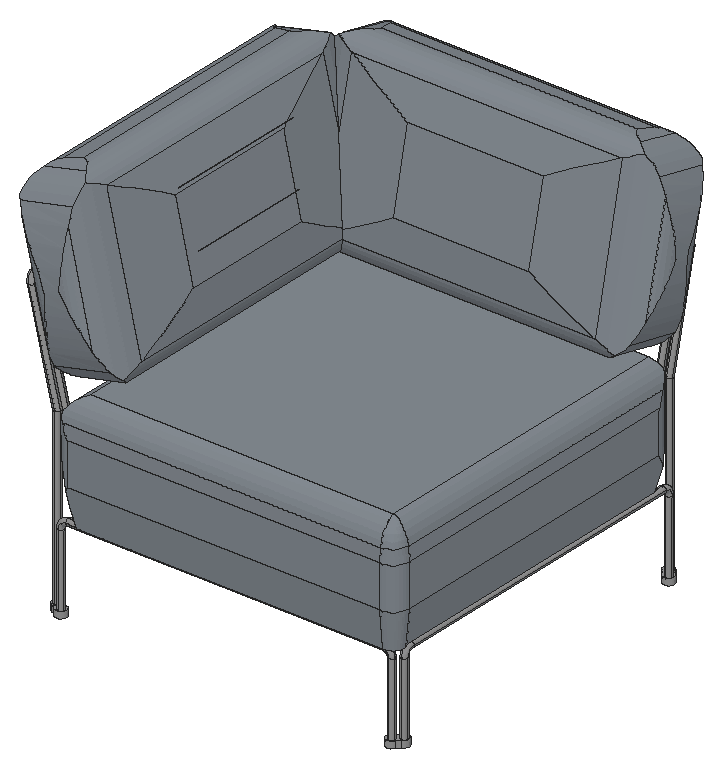
Revit family "FU_Modular_Sandler_Ari 1301-OD", category Furniture, Revit 2020
Family settings
  OmniClass Number = 23.40.20.00
  OmniClass Title = General Furniture and Specialties
  Work Plane-Based = No
  Always vertical = Yes
  Cut with Voids When Loaded = No
  Shared = No
  Room Calculation Point = No
Parameters (values of type "Ari 1301-OD")
  Width = 780 mm
  URL = "https://www.sandlerseating.com/product/ari-1301-od/"
  Seat [instance] = Fabric - Outdoor - Hero 711
  Model = "Ari 1301-OD"
  Manufacturer = "Sandler"
  Height = 780 mm
  Frame [instance] = Metal - Paint - Outdoor - Pewter
  Description = "Corner element for outdoor modular seating. Upholstered backrest and armrest, steel frame, and an elegant double support at the back."
  Depth = 780 mm
  Default Elevation = 0 mm
  Back [instance] = Fabric - Outdoor - Hero 711
Reference planes
  plane 1 "Center (Front/Back)": y = 0
  plane 2: z = 0
  plane 3 "Center (Left/Right)": x = 0
  plane 4 "Right": x = -360
  plane 5 "Left": x = 360
  plane 6 "Back": y = 390
  plane 7 "Front": y = -390
  plane 8 "Height": z = 780
  plane 9 "Seat height": z = 420
  plane 10 "Frame Front C TOP": y = -372.654
  plane 11 "Frame Left C TOP": x = 337.638
  plane 12 "Feet Right": z = 12
  plane 13 "Frame Height C RIGHT": z = 173.508
  plane 14 "Right Arm": x = -420
  plane 15 "Frame Back AC RIGHT": through (4267.2, 277.413, 181.26) normal (0, -0.9703, 0.2421)
  plane 16 "Frame Back C RIGHT": y = 321.991
Forms (mm)
  Extrusion 1, solid, material "Fabric - Outdoor - Hero 711" <- "Seat"
    sketch origin (0, 0, 173.508) x (1, 0, 0) y (0, 1, 0)
      loop
        arc (-313.239, 303.733) -> (-336.927, 293.921) -> (-346.739, 270.233) r 33.5
        line (-346.739, 270.233) -> (-346.739, -356.5)
        arc (-346.739, -356.5) -> (-336.927, -380.188) -> (-313.239, -390) r 33.5
        line (-313.239, -390) -> (313.204, -390)
        arc (313.204, -390) -> (336.892, -380.188) -> (346.704, -356.5) r 33.5
        line (346.704, -356.5) -> (346.704, 270.233)
        arc (346.704, 270.233) -> (336.892, 293.921) -> (313.204, 303.733) r 33.5
        line (313.204, 303.733) -> (-313.239, 303.733)
    from 0 to 233.363
  Sweep 2, void
    path in 3D
      loop
        line (-400.869, -390, 406.871) -> (313.204, -390, 406.871)
        arc (313.204, -390, 406.871) -> (336.892, -380.188, 406.871) -> (346.704, -356.5, 406.871) r 33.5
        line (346.704, -356.5, 406.871) -> (346.704, 384.262, 406.871)
    profile origin (-43.832, -390, 406.871) x (0, 1, 0) y (0, 0, 1)
      loop
        arc (2.304, -47.996) -> (11.675, -20.578) -> (32.073, 0) r 64.696
        line (32.073, 0) -> (32.073, 22.414) -> (-19.598, 22.414) -> (-19.598, -262.705) -> (14.317, -262.705)
        arc (14.317, -262.705) -> (-0.262, -155.83) -> (2.304, -47.996) r 677.536
  Sweep 3, solid, material "Metal - Paint - Outdoor - Pewter" <- "Frame"
    path origin (0, -372.654, 0) x (1, 0, 0) y (0, 0, 1)
      loop
        line (-341.388, 12) -> (-341.388, 158.008)
        arc (-341.388, 158.008) -> (-336.848, 168.968) -> (-325.888, 173.508) r 15.5
        line (-325.888, 173.508) -> (308.101, 173.508)
        arc (308.101, 173.508) -> (319.061, 168.968) -> (323.601, 158.008) r 15.5
        line (323.601, 158.008) -> (323.601, 12)
    profile "Pro_Circles : 13mm" origin (-341.388, -372.654, 85.004) x (-1, 0, 0) y (0, -1, 0)
      loop
        arc (-6.467, 0.067) -> (-4.64, -4.545) -> (-0.067, -6.467) r 6.401
        arc (-0.067, -6.467) -> (4.593, -4.594) -> (6.467, 0.067) r 6.402
        arc (6.467, 0.067) -> (4.545, 4.64) -> (-0.067, 6.467) r 6.401
        arc (-0.067, 6.467) -> (-4.592, 4.592) -> (-6.467, 0.067) r 6.4
  Sweep 4, solid, material "Metal - Paint - Outdoor - Pewter" <- "Frame"
    path origin (337.638, 0, 0) x (0, 1, 0) y (0, 0, 1)
      loop
        line (-358.742, 12) -> (-358.742, 157.983)
        arc (-358.742, 157.983) -> (-354.202, 168.943) -> (-343.242, 173.483) r 15.5
        line (-343.242, 173.483) -> (290.747, 173.483)
        arc (290.747, 173.483) -> (301.707, 168.943) -> (306.247, 157.983) r 15.5
        line (306.247, 157.983) -> (306.247, 12)
    profile "Pro_Circles : 13mm" origin (337.638, -358.742, 84.991) x (0, 1, 0) y (-1, 0, 0)
      loop
        arc (-6.467, 0.067) -> (-4.64, -4.545) -> (-0.067, -6.467) r 6.401
        arc (-0.067, -6.467) -> (4.593, -4.594) -> (6.467, 0.067) r 6.402
        arc (6.467, 0.067) -> (4.545, 4.64) -> (-0.067, 6.467) r 6.401
        arc (-0.067, 6.467) -> (-4.592, 4.592) -> (-6.467, 0.067) r 6.4
  Sweep 5, solid, material "Metal - Paint - Outdoor - Pewter" <- "Frame"
    path origin (0, 321.991, 0) x (0, 0, 1) y (1, 0, 0)
      loop
        line (12, -343.741) -> (420, -343.741)
    profile "Pro_Circles : 13mm" origin (-343.741, 321.991, 216) x (1, 0, 0) y (0, 1, 0)
      loop
        arc (-6.467, 0.067) -> (-4.64, -4.545) -> (-0.067, -6.467) r 6.401
        arc (-0.067, -6.467) -> (4.593, -4.594) -> (6.467, 0.067) r 6.402
        arc (6.467, 0.067) -> (4.545, 4.64) -> (-0.067, 6.467) r 6.401
        arc (-0.067, 6.467) -> (-4.592, 4.592) -> (-6.467, 0.067) r 6.4
  Sweep 6, solid, material "Metal - Paint - Outdoor - Pewter" <- "Frame"
    path origin (-17.502, 321.991, 0) x (0, 0, 1) y (-1, 0, 0)
      loop
        line (12, -343.741) -> (420, -343.741)
    profile "Pro_Circles : 13mm" origin (326.238, 321.991, 216) x (1, 0, 0) y (0, 1, 0)
      loop
        arc (6.467, 0.067) -> (4.592, 4.592) -> (0.067, 6.467) r 6.4
        arc (0.067, 6.467) -> (-4.545, 4.64) -> (-6.467, 0.067) r 6.401
        arc (-6.467, 0.067) -> (-4.593, -4.594) -> (0.067, -6.467) r 6.402
        arc (0.067, -6.467) -> (4.64, -4.545) -> (6.467, 0.067) r 6.401
  Sweep 7, solid, material "Metal - Paint - Outdoor - Pewter" <- "Frame"
    path origin (0, 218.581, -54.537) x (0, -0.242083, -0.970256) y (1, 0, 0)
      loop
        line (-392.584, -343.94) -> (-642.584, -343.94)
        arc (-642.584, -343.94) -> (-653.544, -339.4) -> (-658.084, -328.44) r 15.5
        line (-658.084, -328.44) -> (-658.084, 310.706)
        arc (-658.084, 310.706) -> (-653.544, 321.666) -> (-642.584, 326.206) r 15.5
        line (-642.584, 326.206) -> (-392.584, 326.206)
    profile "Pro_Circles : 13mm" origin (-343.94, 343.879, 447.652) x (-1, 0, 0) y (0, -0.970256, 0.242083)
      loop
        arc (-6.467, 0.067) -> (-4.64, -4.545) -> (-0.067, -6.467) r 6.401
        arc (-0.067, -6.467) -> (4.593, -4.594) -> (6.467, 0.067) r 6.402
        arc (6.467, 0.067) -> (4.545, 4.64) -> (-0.067, 6.467) r 6.401
        arc (-0.067, 6.467) -> (-4.592, 4.592) -> (-6.467, 0.067) r 6.4
  Extrusion 8, void
    sketch origin (0, 0, 0) x (0, 1, 0) y (0, 0, 1)
      loop
        line (297.177, 362.973) -> (297.177, 316.005) -> (346.804, 316.005) -> (346.804, 356.876) -> (297.177, 362.973)
    from -420 to 360
  Extrusion 9, void
    sketch origin (0, 0, 0) x (0, 1, 0) y (0, 0, 1)
      loop
        line (297.177, 362.973) -> (346.804, 356.876) -> (346.804, 423.527) -> (297.177, 423.527) -> (297.177, 362.973)
    from -420 to 360
  Sweep 10, solid, material "Metal - Paint - Outdoor - Pewter" <- "Frame"
    path origin (0, 218.581, -54.537) x (0, -0.242083, -0.970256) y (1, 0, 0)
      loop
        line (-235.112, -297.339) -> (-350.831, -321.742)
        arc (-350.831, -321.742) -> (-370.032, -324.759) -> (-389.442, -325.768) r 187.127
        line (-389.442, -325.768) -> (-528.112, -325.768)
        arc (-528.112, -325.768) -> (-539.072, -321.229) -> (-543.612, -310.268) r 15.5
        line (-543.612, -310.268) -> (-543.612, 291.731)
        arc (-543.612, 291.731) -> (-539.072, 302.691) -> (-528.112, 307.231) r 15.5
        line (-528.112, 307.231) -> (-235.507, 307.231)
    profile "Pro_Circles : 13mm" origin (-9.269, 350.18, 472.905) x (0, 0.242083, 0.970256) y (0, -0.970256, 0.242083)
      loop
        arc (-6.467, 0.067) -> (-4.64, -4.545) -> (-0.067, -6.467) r 6.401
        arc (-0.067, -6.467) -> (4.593, -4.594) -> (6.467, 0.067) r 6.402
        arc (6.467, 0.067) -> (4.545, 4.64) -> (-0.067, 6.467) r 6.401
        arc (-0.067, 6.467) -> (-4.592, 4.592) -> (-6.467, 0.067) r 6.4
  Sweep 11, solid, material "Metal - Paint - Outdoor - Pewter" <- "Frame"
    path origin (-357.841, -35.2, 0) x (0, 0, 1) y (0, 1, 0)
      loop
        line (12, 343.741) -> (420, 343.741)
    profile "Pro_Circles : 13mm" origin (-357.841, 308.541, 216) x (0, 1, 0) y (-1, 0, 0)
      loop
        arc (6.467, 0.067) -> (4.592, 4.592) -> (0.067, 6.467) r 6.4
        arc (0.067, 6.467) -> (-4.545, 4.64) -> (-6.467, 0.067) r 6.401
        arc (-6.467, 0.067) -> (-4.593, -4.594) -> (0.067, -6.467) r 6.402
        arc (0.067, -6.467) -> (4.64, -4.545) -> (6.467, 0.067) r 6.401
  Sweep 12, solid, material "Metal - Paint - Outdoor - Pewter" <- "Frame"
    path origin (-357.841, -17.697, 0) x (0, 0, 1) y (0, 1, 0)
      loop
        line (12, -343.741) -> (420, -343.741)
    profile "Pro_Circles : 13mm" origin (-357.841, -361.438, 216) x (0, 1, 0) y (-1, 0, 0)
      loop
        arc (-6.467, 0.067) -> (-4.64, -4.545) -> (-0.067, -6.467) r 6.401
        arc (-0.067, -6.467) -> (4.593, -4.594) -> (6.467, 0.067) r 6.402
        arc (6.467, 0.067) -> (4.545, 4.64) -> (-0.067, 6.467) r 6.401
        arc (-0.067, 6.467) -> (-4.592, 4.592) -> (-6.467, 0.067) r 6.4
  Sweep 13, solid, material "Metal - Paint - Outdoor - Pewter" <- "Frame"
    path origin (-254.43, -35.2, -54.537) x (0.242083, 0, -0.970256) y (0, 1, 0)
      loop
        line (-392.584, 343.94) -> (-642.584, 343.94)
        arc (-642.584, 343.94) -> (-653.544, 339.4) -> (-658.084, 328.44) r 15.5
        line (-658.084, 328.44) -> (-658.084, -310.706)
        arc (-658.084, -310.706) -> (-653.544, -321.666) -> (-642.584, -326.206) r 15.5
        line (-642.584, -326.206) -> (-392.584, -326.206)
    profile "Pro_Circles : 13mm" origin (-379.729, -361.405, 447.652) x (0, -1, 0) y (0.970256, 0, 0.242083)
      loop
        arc (6.467, 0.067) -> (4.592, 4.592) -> (0.067, 6.467) r 6.4
        arc (0.067, 6.467) -> (-4.545, 4.64) -> (-6.467, 0.067) r 6.401
        arc (-6.467, 0.067) -> (-4.593, -4.594) -> (0.067, -6.467) r 6.402
        arc (0.067, -6.467) -> (4.64, -4.545) -> (6.467, 0.067) r 6.401
  Extrusion 14, void
    sketch origin (-35.85, -35.2, 0) x (-1, 0, 0) y (0, 0, -1)
      loop
        line (297.177, -362.973) -> (346.804, -356.876) -> (346.804, -316.005) -> (297.177, -316.005) -> (297.177, -362.973)
    from -425.2 to 354.8
  Extrusion 15, void
    sketch origin (-35.85, -35.2, 0) x (-1, 0, 0) y (0, 0, -1)
      loop
        line (297.177, -362.973) -> (297.177, -423.527) -> (346.804, -423.527) -> (346.804, -356.876) -> (297.177, -362.973)
    from -425.2 to 354.8
  Sweep 16, solid, material "Metal - Paint - Outdoor - Pewter" <- "Frame"
    path origin (-254.43, -35.2, -54.537) x (0.242083, 0, -0.970256) y (0, 1, 0)
      loop
        line (-235.112, 297.339) -> (-350.831, 321.742)
        arc (-350.831, 321.742) -> (-370.032, 324.759) -> (-389.442, 325.768) r 187.127
        line (-389.442, 325.768) -> (-528.112, 325.768)
        arc (-528.112, 325.768) -> (-539.072, 321.229) -> (-543.612, 310.268) r 15.5
        line (-543.612, 310.268) -> (-543.612, -291.731)
        arc (-543.612, -291.731) -> (-539.072, -302.691) -> (-528.112, -307.231) r 15.5
        line (-528.112, -307.231) -> (-235.507, -307.231)
    profile "Pro_Circles : 13mm" origin (-386.03, -25.931, 472.905) x (0.242083, 0, -0.970256) y (0.970256, 0, 0.242083)
      loop
        arc (6.467, 0.067) -> (4.592, 4.592) -> (0.067, 6.467) r 6.4
        arc (0.067, 6.467) -> (-4.545, 4.64) -> (-6.467, 0.067) r 6.401
        arc (-6.467, 0.067) -> (-4.593, -4.594) -> (0.067, -6.467) r 6.402
        arc (0.067, -6.467) -> (4.64, -4.545) -> (6.467, 0.067) r 6.401
  Sweep 17, solid, material "Metal - Paint - Outdoor - Pewter" <- "Frame"
    path origin (0, 0, 173.508) x (1, 0, 0) y (0, 1, 0)
      loop
        line (-310.747, -372.654) -> (-310.747, 260.072)
        arc (-310.747, 260.072) -> (-306.208, 271.032) -> (-295.247, 275.572) r 15.5
        line (-295.247, 275.572) -> (337.572, 275.572)
    profile "Pro_Circles : 13mm" origin (21.162, 275.572, 173.508) x (0, 1, 0) y (0, 0, 1)
      loop
        arc (-6.467, 0.067) -> (-4.64, -4.545) -> (-0.067, -6.467) r 6.401
        arc (-0.067, -6.467) -> (4.593, -4.594) -> (6.467, 0.067) r 6.402
        arc (6.467, 0.067) -> (4.545, 4.64) -> (-0.067, 6.467) r 6.401
        arc (-0.067, 6.467) -> (-4.592, 4.592) -> (-6.467, 0.067) r 6.4
  Extrusion 18, void
    sketch origin (0, 23.028, -0.944) x (0, 1, 0) y (0, 0, 1)
      loop
        arc (279.345, 364.934) -> (266.59, 262.706) -> (239.146, 163.408) r 708.516
        line (239.146, 163.408) -> (325.45, 163.408) -> (325.45, 441.519) -> (222.591, 441.519) -> (222.591, 423.086)
        arc (222.591, 423.086) -> (263.219, 405.967) -> (279.345, 364.934) r 56.771
    from -360 to 360
  Extrusion 19, void
    sketch origin (-43.011, -148.912, -13.78) x (-1, 0, 0) y (0, 0, 1)
      loop
        arc (290.858, 364.836) -> (278.103, 262.608) -> (250.659, 163.311) r 708.516
        line (250.659, 163.311) -> (336.963, 163.311) -> (336.963, 441.421) -> (234.104, 441.421) -> (234.104, 422.988)
        arc (234.104, 422.988) -> (274.732, 405.869) -> (290.858, 364.836) r 56.771
    from -241.088 to 538.912
  Extrusion 20, solid, material "Rubber, Black"
    sketch origin (-35.941, -8.051, 0) x (-0.993563, 0.113279, 0) y (-0.113279, -0.993563, 0)
      loop
        arc (-324.942, -350.4) -> (-342.844, -347.544) -> (-338.901, -365.238) r 10.957
        arc (-338.901, -365.238) -> (-334.399, -367.677) -> (-331.489, -371.888) r 11
        arc (-331.489, -371.888) -> (-313.526, -375.765) -> (-317.057, -357.734) r 11
        arc (-317.057, -357.734) -> (-321.958, -355.098) -> (-324.942, -350.4) r 11
    from 0 to 12
  Extrusion 21, solid, material "Rubber, Black"
    sketch origin (16.177, -7.113, 0) x (0.993563, 0.113279, 0) y (-0.113279, 0.993563, 0)
      loop
        arc (-324.942, 350.4) -> (-321.958, 355.098) -> (-317.057, 357.734) r 11
        arc (-317.057, 357.734) -> (-313.526, 375.765) -> (-331.489, 371.888) r 11
        arc (-331.489, 371.888) -> (-334.399, 367.677) -> (-338.901, 365.238) r 11
        arc (-338.901, 365.238) -> (-342.844, 347.544) -> (-324.942, 350.4) r 10.957
    from 0 to 12
  Extrusion 22, solid, material "Rubber, Black"
    sketch origin (-71.376, 34.585, 0) x (0.991455, 0.130451, 0) y (-0.130451, 0.991455, 0)
      loop
        arc (-324.942, -350.4) -> (-342.844, -347.544) -> (-338.901, -365.238) r 10.957
        arc (-338.901, -365.238) -> (-334.399, -367.677) -> (-331.489, -371.888) r 11
        arc (-331.489, -371.888) -> (-313.526, -375.765) -> (-317.057, -357.734) r 11
        arc (-317.057, -357.734) -> (-321.958, -355.098) -> (-324.942, -350.4) r 11
    from 0 to 12
  Extrusion 23, solid, material "Rubber, Black"
    sketch origin (-2.069, -8.413, 0) x (-0.99993, -0.01187, 0) y (0.01187, -0.99993, 0)
      loop
        arc (-324.942, 350.4) -> (-321.958, 355.098) -> (-317.057, 357.734) r 11
        arc (-317.057, 357.734) -> (-313.526, 375.765) -> (-331.489, 371.888) r 11
        arc (-331.489, 371.888) -> (-334.399, 367.677) -> (-338.901, 365.238) r 11
        arc (-338.901, 365.238) -> (-342.844, 347.544) -> (-324.942, 350.4) r 10.957
    from 0 to 12
Cuts and joins
  Sweep 2, Extrusion 18, Extrusion 19 cuts Extrusion 1
  Extrusion 15 cuts Sweep 12
  Extrusion 14 cuts Sweep 13
  Extrusion 15 cuts Sweep 11
  Extrusion 9 cuts Sweep 6
  Extrusion 8 cuts Sweep 7
  Extrusion 9 cuts Sweep 5
Lines and regions (mm)
  sketch lines
    curve 1: line (-400.869, -390, 406.871) -> (313.204, -390, 406.871)
    curve 2: arc (346.704, -356.5, 406.871) -> (336.892, -380.188, 406.871) -> (313.204, -390, 406.871) r 33.5
    curve 3: line (346.704, -356.5, 406.871) -> (346.704, 384.262, 406.871)
Dimensions and locks
  plane 14 "Right Arm" to plane 3 "Center (Left/Right)" to plane 5 "Left" = 420 mm, 360 mm
  "Width": plane 14 "Right Arm" to plane 5 "Left"
  equal spacing: plane 6 "Back", plane 1 "Center (Front/Back)", plane 7 "Front"
  "Depth": plane 6 "Back" to plane 7 "Front"
  "Height": plane 8 "Height" to level
  plane 9 "Seat height" to level = 420 mm
  aligned and locked: level to plane 2
Automatic sketch dimensions
  Extrusion 1 sketch curve to plane 7 "Front" = 0 mm
  Extrusion 1 sketch curve to plane 4 "Right" = 13.261 mm
  Extrusion 1 sketch curve to plane 4 "Right" = 46.761 mm
  Extrusion 1 sketch curve to Extrusion 1 sketch curve = 33.5 mm
  plane 11 "Frame Left C TOP" to Extrusion 1 sketch curve = 24.434 mm  (x2)
  Extrusion 1 sketch curve to plane 11 "Frame Left C TOP" = 9.066 mm
  Extrusion 1 sketch curve to plane 16 "Frame Back C RIGHT" = 51.758 mm
  Sweep 2 sketch curve to profile plane = 0 mm
  profile plane to Sweep 2 sketch curve = 19.598 mm
  Sweep 2 sketch curve to profile plane = 14.317 mm
  Sweep 2 sketch curve to profile plane = 32.073 mm
  Sweep 2 sketch curve to Sweep 2 sketch curve = 34.581 mm
  Sweep 2 sketch curve to profile plane = 117.981 mm
  Sweep 2 sketch curve to Sweep 2 sketch curve = 609.562 mm
  Sweep 2 sketch curve to profile plane = 262.705 mm
  Sweep 2 sketch curve to profile plane = 54.679 mm
  profile plane to Sweep 2 sketch curve = 22.414 mm
  Sweep 3 sketch curve to plane 12 "Feet Right" = 0 mm  (x2)
  Sweep 3 sketch curve to plane 13 "Frame Height C RIGHT" = 0 mm
  Sweep 3 sketch curve to plane 4 "Right" = 18.612 mm
  plane 13 "Frame Height C RIGHT" to Sweep 3 sketch curve = 15.5 mm
  plane 11 "Frame Left C TOP" to Sweep 3 sketch curve = 29.538 mm
  plane 11 "Frame Left C TOP" to Sweep 3 sketch curve = 14.038 mm
  Sweep 4 sketch curve to plane 12 "Feet Right" = 0 mm  (x2)
  plane 10 "Frame Front C TOP" to Sweep 4 sketch curve = 13.912 mm
  Sweep 4 sketch curve to plane 13 "Frame Height C RIGHT" = 0.025 mm
  Sweep 4 sketch curve to Sweep 4 sketch curve = 15.5 mm  (x2)
  plane 16 "Frame Back C RIGHT" to Sweep 4 sketch curve = 31.244 mm
  Sweep 5 sketch curve to plane 12 "Feet Right" = 0 mm
  Sweep 5 sketch curve to plane 9 "Seat height" = 0 mm
  Sweep 5 sketch curve to plane 4 "Right" = 16.259 mm
  Sweep 6 sketch curve to plane 12 "Feet Right" = 0 mm
  Sweep 6 sketch curve to plane 9 "Seat height" = 0 mm
  Sweep 6 sketch curve to plane 11 "Frame Left C TOP" = 11.4 mm
  Sweep 7 sketch curve to plane 4 "Right" = 31.56 mm
  Sweep 7 sketch curve to plane 4 "Right" = 16.06 mm
  plane 11 "Frame Left C TOP" to Sweep 7 sketch curve = 11.433 mm
  Sweep 7 sketch curve to Sweep 7 sketch curve = 15.5 mm
  Sweep 7 sketch curve to Sweep 7 sketch curve = 250 mm  (x2)
  Extrusion 8 sketch curve to plane 16 "Frame Back C RIGHT" = 24.814 mm
  plane 16 "Frame Back C RIGHT" to Extrusion 8 sketch curve = 24.813 mm
  Extrusion 8 sketch curve to plane 9 "Seat height" = 103.995 mm
  Extrusion 8 sketch curve to Extrusion 8 sketch curve = 40.871 mm
  Extrusion 8 sketch curve to Extrusion 8 sketch curve = 46.968 mm
  plane 9 "Seat height" to Extrusion 9 sketch curve = 3.527 mm
  Extrusion 9 sketch curve to plane 16 "Frame Back C RIGHT" = 24.814 mm
  plane 16 "Frame Back C RIGHT" to Extrusion 9 sketch curve = 24.813 mm
  Extrusion 9 sketch curve to plane 9 "Seat height" = 57.027 mm
  Extrusion 9 sketch curve to Extrusion 9 sketch curve = 6.098 mm
  Sweep 10 sketch curve to plane 4 "Right" = 49.732 mm
  Sweep 10 sketch curve to Sweep 10 sketch curve = 15.5 mm  (x2)
  Sweep 10 sketch curve to Sweep 10 sketch curve = 138.669 mm
  Sweep 10 sketch curve to plane 4 "Right" = 38.258 mm
  Sweep 10 sketch curve to Sweep 10 sketch curve = 38.611 mm
  plane 11 "Frame Left C TOP" to Sweep 10 sketch curve = 45.907 mm
  Sweep 10 sketch curve to Sweep 10 sketch curve = 292.605 mm
  Sweep 10 sketch curve to plane 4 "Right" = 62.661 mm
  Sweep 10 sketch curve to Sweep 10 sketch curve = 115.719 mm
  Sweep 11 sketch curve to plane 12 "Feet Right" = 0 mm
  Sweep 11 sketch curve to plane 9 "Seat height" = 0 mm
  Sweep 11 sketch curve to plane 16 "Frame Back C RIGHT" = 13.45 mm
  Sweep 12 sketch curve to plane 12 "Feet Right" = 0 mm
  Sweep 12 sketch curve to plane 9 "Seat height" = 0 mm
  Sweep 12 sketch curve to plane 10 "Frame Front C TOP" = 11.216 mm
  Sweep 13 sketch curve to plane 16 "Frame Back C RIGHT" = 28.751 mm
  Sweep 13 sketch curve to plane 16 "Frame Back C RIGHT" = 13.251 mm
  Sweep 13 sketch curve to plane 10 "Frame Front C TOP" = 11.249 mm
  Sweep 13 sketch curve to Sweep 13 sketch curve = 15.5 mm
  Sweep 13 sketch curve to Sweep 13 sketch curve = 250 mm  (x2)
  Extrusion 14 sketch curve to plane 4 "Right" = 26.973 mm
  plane 4 "Right" to Extrusion 14 sketch curve = 22.654 mm
  Extrusion 14 sketch curve to plane 9 "Seat height" = 57.027 mm
  Extrusion 14 sketch curve to Extrusion 14 sketch curve = 6.098 mm
  Extrusion 14 sketch curve to Extrusion 14 sketch curve = 40.871 mm
  plane 9 "Seat height" to Extrusion 15 sketch curve = 3.527 mm
  Extrusion 15 sketch curve to plane 4 "Right" = 26.973 mm
  plane 4 "Right" to Extrusion 15 sketch curve = 22.654 mm
  Extrusion 15 sketch curve to plane 9 "Seat height" = 57.027 mm
  Extrusion 15 sketch curve to Extrusion 15 sketch curve = 6.098 mm
  Sweep 16 sketch curve to plane 16 "Frame Back C RIGHT" = 46.922 mm
  Sweep 16 sketch curve to Sweep 16 sketch curve = 15.5 mm  (x2)
  Sweep 16 sketch curve to Sweep 16 sketch curve = 138.669 mm
  Sweep 16 sketch curve to plane 16 "Frame Back C RIGHT" = 35.449 mm
  Sweep 16 sketch curve to Sweep 16 sketch curve = 38.611 mm
  Sweep 16 sketch curve to plane 10 "Frame Front C TOP" = 45.724 mm
  Sweep 16 sketch curve to Sweep 16 sketch curve = 292.605 mm
  Sweep 16 sketch curve to plane 16 "Frame Back C RIGHT" = 59.852 mm
  Sweep 16 sketch curve to Sweep 16 sketch curve = 115.719 mm
  plane 10 "Frame Front C TOP" to Sweep 17 sketch curve = 0 mm
  Sweep 17 sketch curve to plane 4 "Right" = 49.253 mm
  Sweep 17 sketch curve to Sweep 17 sketch curve = 15.5 mm
  Sweep 17 sketch curve to plane 16 "Frame Back C RIGHT" = 61.919 mm
  plane 11 "Frame Left C TOP" to Sweep 17 sketch curve = 0.067 mm
  Extrusion 18 sketch curve to plane 7 "Front" = 15.21 mm
  plane 9 "Seat height" to Extrusion 18 sketch curve = 20.575 mm
  Extrusion 18 sketch curve to plane 16 "Frame Back C RIGHT" = 76.373 mm
  plane 13 "Frame Height C RIGHT" to Extrusion 18 sketch curve = 11.043 mm
  Extrusion 18 sketch curve to plane 16 "Frame Back C RIGHT" = 59.818 mm
  plane 16 "Frame Back C RIGHT" to Extrusion 18 sketch curve = 26.486 mm
  Extrusion 18 sketch curve to plane 9 "Seat height" = 54.628 mm
  Extrusion 18 sketch curve to plane 9 "Seat height" = 19.638 mm
  Extrusion 18 sketch curve to Extrusion 18 sketch curve = 18.433 mm
  Extrusion 19 sketch curve to plane 5 "Left" = 13.713 mm
  plane 9 "Seat height" to Extrusion 19 sketch curve = 7.641 mm
  Extrusion 19 sketch curve to plane 4 "Right" = 82.885 mm
  plane 13 "Frame Height C RIGHT" to Extrusion 19 sketch curve = 23.977 mm
  Extrusion 19 sketch curve to plane 4 "Right" = 66.33 mm
  plane 4 "Right" to Extrusion 19 sketch curve = 19.974 mm
  Extrusion 19 sketch curve to plane 9 "Seat height" = 67.562 mm
  Extrusion 19 sketch curve to plane 9 "Seat height" = 32.572 mm
  Extrusion 19 sketch curve to Extrusion 19 sketch curve = 18.433 mm
  plane 16 "Frame Back C RIGHT" to Extrusion 20 sketch curve = 4.69 mm
  Extrusion 20 sketch curve to plane 11 "Frame Left C TOP" = 8.544 mm
  Extrusion 20 sketch curve to Extrusion 20 sketch curve = 6.883 mm
  Extrusion 20 sketch curve to Extrusion 20 sketch curve = 13.634 mm
  Extrusion 20 sketch curve to Extrusion 20 sketch curve = 20.396 mm
  Extrusion 20 sketch curve to Extrusion 20 sketch curve = 7.952 mm
  Extrusion 20 sketch curve to Extrusion 20 sketch curve = 12.86 mm
  Extrusion 20 sketch curve to Extrusion 20 sketch curve = 8.009 mm
  Extrusion 20 sketch curve to Extrusion 20 sketch curve = 4.038 mm
  Extrusion 20 sketch curve to Extrusion 20 sketch curve = 7.411 mm
  Extrusion 20 sketch curve to Extrusion 20 sketch curve = 0.004 mm
  Extrusion 20 sketch curve to Extrusion 20 sketch curve = 9.921 mm
  Extrusion 20 sketch curve to Extrusion 20 sketch curve = 7.885 mm
  Extrusion 20 sketch curve to Extrusion 20 sketch curve = 3.975 mm
  plane 16 "Frame Back C RIGHT" to Extrusion 21 sketch curve = 5.628 mm
  plane 4 "Right" to Extrusion 21 sketch curve = 5.946 mm
  Extrusion 21 sketch curve to Extrusion 21 sketch curve = 6.883 mm
  Extrusion 21 sketch curve to Extrusion 21 sketch curve = 13.634 mm
  Extrusion 21 sketch curve to Extrusion 21 sketch curve = 20.396 mm
  Extrusion 21 sketch curve to Extrusion 21 sketch curve = 7.952 mm
  Extrusion 21 sketch curve to Extrusion 21 sketch curve = 12.86 mm
  Extrusion 21 sketch curve to Extrusion 21 sketch curve = 8.009 mm
  Extrusion 21 sketch curve to Extrusion 21 sketch curve = 4.038 mm
  Extrusion 21 sketch curve to Extrusion 21 sketch curve = 7.411 mm
  Extrusion 21 sketch curve to Extrusion 21 sketch curve = 0.004 mm
  Extrusion 21 sketch curve to Extrusion 21 sketch curve = 9.921 mm
  Extrusion 21 sketch curve to Extrusion 21 sketch curve = 7.885 mm
  Extrusion 21 sketch curve to Extrusion 21 sketch curve = 3.975 mm
  plane 4 "Right" to Extrusion 22 sketch curve = 1.17 mm
  plane 7 "Front" to Extrusion 22 sketch curve = 7.352 mm
  Extrusion 22 sketch curve to Extrusion 22 sketch curve = 6.883 mm
  Extrusion 22 sketch curve to Extrusion 22 sketch curve = 13.634 mm
  Extrusion 22 sketch curve to Extrusion 22 sketch curve = 20.396 mm
  Extrusion 22 sketch curve to Extrusion 22 sketch curve = 7.952 mm
  Extrusion 22 sketch curve to Extrusion 22 sketch curve = 12.86 mm
  Extrusion 22 sketch curve to Extrusion 22 sketch curve = 8.009 mm
  Extrusion 22 sketch curve to Extrusion 22 sketch curve = 4.038 mm
  Extrusion 22 sketch curve to Extrusion 22 sketch curve = 7.411 mm
  Extrusion 22 sketch curve to Extrusion 22 sketch curve = 0.004 mm
  Extrusion 22 sketch curve to Extrusion 22 sketch curve = 9.921 mm
  Extrusion 22 sketch curve to Extrusion 22 sketch curve = 7.885 mm
  Extrusion 22 sketch curve to Extrusion 22 sketch curve = 3.975 mm
  Extrusion 23 sketch curve to plane 11 "Frame Left C TOP" = 6.475 mm
  plane 10 "Frame Front C TOP" to Extrusion 23 sketch curve = 7.54 mm
  Extrusion 23 sketch curve to Extrusion 23 sketch curve = 6.883 mm
  Extrusion 23 sketch curve to Extrusion 23 sketch curve = 13.634 mm
  Extrusion 23 sketch curve to Extrusion 23 sketch curve = 20.396 mm
  Extrusion 23 sketch curve to Extrusion 23 sketch curve = 7.952 mm
  Extrusion 23 sketch curve to Extrusion 23 sketch curve = 12.86 mm
  Extrusion 23 sketch curve to Extrusion 23 sketch curve = 8.009 mm
  Extrusion 23 sketch curve to Extrusion 23 sketch curve = 4.038 mm
  Extrusion 23 sketch curve to Extrusion 23 sketch curve = 7.411 mm
  Extrusion 23 sketch curve to Extrusion 23 sketch curve = 0.004 mm
  Extrusion 23 sketch curve to Extrusion 23 sketch curve = 9.921 mm
  Extrusion 23 sketch curve to Extrusion 23 sketch curve = 7.885 mm
  Extrusion 23 sketch curve to Extrusion 23 sketch curve = 3.975 mm
Nested families
  nested 1: "Ari Back" at (0, 295.242, 15.923), Back <- "Back", type "Ari Back"
    with Back Fabric - Outdoor - Hero 711
  nested 2: "Ari Back" at (-330.733, -29.86, 15.923) x (0, 1, 0) z (0, 0, 1), Back <- "Back", type "Ari Back"
    with Back Fabric - Outdoor - Hero 711
Definition of nested family "Ari Back"
  Parameters (values of type "Ari Back")
    Width = 720 mm
    Height = 895 mm
    Depth = 503 mm
    Default Elevation = 0 mm
    Back [instance] = none
  Reference planes
    plane 1 "Center (Front/Back)": y = 0
    plane 2: z = 0
    plane 3 "Center (Left/Right)": x = 0
    plane 4 "Right": x = -360
    plane 5 "Left": x = 360
    plane 6 "Back": y = 251.5
    plane 7 "Front": y = -251.5
    plane 8 "Height": z = 895
    plane 9 "Seat height": z = 610
  Forms (mm)
    Extrusion 1, solid, material <- "Back"
      sketch origin (0, -132.764, 15.297) x (1, 0, 0) y (0, 0.973179, -0.23005)
        loop
          line (-362.5, 74.701) -> (-362.5, -74.06) -> (362.5, -74.06) -> (362.5, 74.701) -> (-362.5, 74.701)
      from 389.924 to 767.563
    Extrusion 2, void
      sketch origin (0, -132.764, 15.297) x (1, 0, 0) y (0, 0.973179, -0.23005)
        loop
          line (-310.203, 75.143) -> (-310.203, 79.868) -> (-364.948, 79.868) -> (-364.948, -91.02) -> (-99.416, -91.02) -> (-99.416, -75.542)
          arc (-99.416, -75.542) -> (-185.72, -70.794) -> (-271.607, -61.085) r 1500.401
          arc (-271.607, -61.085) -> (-310.035, -51.019) -> (-345.163, -32.471) r 173.385
          arc (-345.163, -32.471) -> (-355.968, -17.765) -> (-360.14, 0) r 45.595
          line (-360.14, 0) -> (-360.596, 24.202)
          arc (-360.596, 24.202) -> (-346.151, 60.308) -> (-310.203, 75.143) r 50
        loop
          arc (310.203, 75.143) -> (346.151, 60.308) -> (360.596, 24.202) r 50
          line (360.596, 24.202) -> (360.14, 0)
          arc (360.14, 0) -> (355.968, -17.765) -> (345.163, -32.471) r 45.595
          arc (345.163, -32.471) -> (310.035, -51.019) -> (271.607, -61.085) r 173.385
          arc (271.607, -61.085) -> (185.72, -70.794) -> (99.416, -75.542) r 1500.401
          line (99.416, -75.542) -> (99.416, -91.02) -> (364.948, -91.02) -> (364.948, 79.868) -> (310.203, 79.868) -> (310.203, 75.143)
      from 376.711 to 778.071
    Extrusion 3, void
      sketch origin (0, -132.764, 15.297) x (1, 0, 0) y (0, 0.23005, 0.973179)
        loop
          arc (-333.96, 716.373) -> (-314.814, 741.929) -> (-287.697, 758.789) r 86.435
          arc (-287.697, 758.789) -> (-252.656, 768.112) -> (-216.501, 770.87) r 197.455
          line (-216.501, 770.87) -> (-216.501, 777.709) -> (-370.298, 777.709) -> (-370.298, 376.009) -> (-216.501, 376.009) -> (-216.501, 385.996)
          arc (-216.501, 385.996) -> (-242.472, 387.863) -> (-268.162, 392.109) r 283.002
          arc (-268.162, 392.109) -> (-302.445, 405.044) -> (-328.289, 431.019) r 86.435
          spline (-328.289, 431.019) -> (-337.16, 449.647) -> (-344.765, 470.723) -> (-350.96, 493.848) -> (-355.627, 518.588) -> (-358.679, 544.474) -> (-360.057, 571.019) -> (-359.737, 597.721) -> (-357.724, 624.076) -> (-354.055, 649.587) -> (-348.801, 673.772) -> (-342.06, 696.175) -> (-333.96, 716.373)
        loop
          spline (333.96, 716.373) -> (342.06, 696.175) -> (348.801, 673.772) -> (354.055, 649.587) -> (357.724, 624.076) -> (359.737, 597.721) -> (360.057, 571.019) -> (358.679, 544.474) -> (355.627, 518.588) -> (350.96, 493.848) -> (344.765, 470.723) -> (337.16, 449.647) -> (328.289, 431.019)
          arc (328.289, 431.019) -> (302.445, 405.044) -> (268.162, 392.109) r 86.435
          arc (268.162, 392.109) -> (242.472, 387.863) -> (216.501, 385.996) r 283.002
          line (216.501, 385.996) -> (216.501, 376.009) -> (370.298, 376.009) -> (370.298, 777.709) -> (216.501, 777.709) -> (216.501, 770.87)
          arc (216.501, 770.87) -> (252.656, 768.112) -> (287.697, 758.789) r 197.455
          arc (287.697, 758.789) -> (314.814, 741.929) -> (333.96, 716.373) r 86.435
      from -88.411 to 87.877
    Extrusion 4, void
      sketch origin (0, -132.764, 15.297) x (0, 0.973179, -0.23005) y (0, 0.23005, 0.973179)
        loop
          arc (-61.397, 729.537) -> (-71.742, 680.053) -> (-75.437, 629.634) r 380.549
          line (-75.437, 629.634) -> (-88.369, 629.634) -> (-88.369, 778.183) -> (89.567, 778.183) -> (89.567, 676.12) -> (79.458, 676.12)
          arc (79.458, 676.12) -> (76.502, 705.709) -> (68.783, 734.428) r 182.681
          arc (68.783, 734.428) -> (50.774, 756.428) -> (23.805, 765.426) r 51.189
          line (23.805, 765.426) -> (-12.114, 766.886)
          arc (-12.114, 766.886) -> (-43.061, 756.472) -> (-61.416, 729.468) r 51.189
        loop
          arc (68.783, 424.075) -> (50.774, 402.074) -> (23.805, 393.076) r 51.189
          line (23.805, 393.076) -> (-12.114, 391.617)
          arc (-12.114, 391.617) -> (-43.09, 402.052) -> (-61.435, 429.104) r 51.189
          arc (-61.435, 429.104) -> (-71.752, 478.521) -> (-75.437, 528.868) r 380.549
          line (-75.437, 528.868) -> (-88.369, 528.868) -> (-88.369, 380.319) -> (89.567, 380.319) -> (89.567, 482.383) -> (79.458, 482.383)
          arc (79.458, 482.383) -> (76.502, 452.793) -> (68.783, 424.075) r 182.681
      from -402.712 to 386.758
  Cuts and joins
    Extrusion 2, Extrusion 3, Extrusion 4 cuts Extrusion 1
  Dimensions and locks
    equal spacing: plane 4 "Right", plane 3 "Center (Left/Right)", plane 5 "Left"
    "Width": plane 4 "Right" to plane 5 "Left"
    equal spacing: plane 6 "Back", plane 1 "Center (Front/Back)", plane 7 "Front"
    "Depth": plane 6 "Back" to plane 7 "Front"
    "Height": plane 8 "Height" to level
    plane 9 "Seat height" to level = 610 mm
    aligned and locked: level to plane 2
  Automatic sketch dimensions
    plane 4 "Right" to Extrusion 1 sketch curve = 2.5 mm
    Extrusion 1 sketch curve to plane 5 "Left" = 2.5 mm
    Extrusion 1 sketch curve to Extrusion 1 sketch curve = 148.761 mm
    plane 4 "Right" to Extrusion 2 sketch curve = 4.948 mm
    plane 4 "Right" to Extrusion 2 sketch curve = 0.14 mm
    Extrusion 2 sketch curve to plane 4 "Right" = 45.435 mm
    Extrusion 2 sketch curve to Extrusion 2 sketch curve = 3.96 mm  (x2)
    Extrusion 2 sketch curve to plane 4 "Right" = 49.797 mm
    Extrusion 2 sketch curve to Extrusion 2 sketch curve = 63.027 mm
    Extrusion 2 sketch curve to plane 3 "Center (Left/Right)" = 99.416 mm
    Extrusion 2 sketch curve to plane 3 "Center (Left/Right)" = 60.187 mm
    plane 3 "Center (Left/Right)" to Extrusion 2 sketch curve = 60.187 mm
    plane 3 "Center (Left/Right)" to Extrusion 2 sketch curve = 99.416 mm
    plane 5 "Left" to Extrusion 2 sketch curve = 112.825 mm
    plane 5 "Left" to Extrusion 2 sketch curve = 49.797 mm
    plane 5 "Left" to Extrusion 2 sketch curve = 49.395 mm
    Extrusion 2 sketch curve to plane 5 "Left" = 0.14 mm
    Extrusion 2 sketch curve to plane 5 "Left" = 0.596 mm
    Extrusion 2 sketch curve to plane 5 "Left" = 4.948 mm
    Extrusion 2 sketch curve to Extrusion 2 sketch curve = 0 mm  (x4)
    Extrusion 2 sketch curve to Extrusion 2 sketch curve = 15.478 mm  (x2)
    Extrusion 2 sketch curve to Extrusion 2 sketch curve = 91.02 mm  (x2)
    Extrusion 2 sketch curve to Extrusion 2 sketch curve = 1.332 mm  (x2)
    Extrusion 2 sketch curve to Extrusion 2 sketch curve = 24.202 mm
    Extrusion 2 sketch curve to Extrusion 2 sketch curve = 23.812 mm  (x2)
    Extrusion 2 sketch curve to Extrusion 2 sketch curve = 49.998 mm
    Extrusion 2 sketch curve to Extrusion 2 sketch curve = 4.725 mm  (x2)
    Extrusion 2 sketch curve to Extrusion 2 sketch curve = 30.702 mm  (x2)
    Extrusion 2 sketch curve to Extrusion 2 sketch curve = 1313.776 mm
    plane 4 "Right" to Extrusion 2 sketch curve = 0.596 mm
    Extrusion 2 sketch curve to plane 4 "Right" = 14.837 mm
    plane 4 "Right" to Extrusion 3 sketch curve = 10.298 mm
    Extrusion 3 sketch curve to plane 4 "Right" = 103.598 mm
    Extrusion 3 sketch curve to plane 4 "Right" = 104.515 mm
    Extrusion 3 sketch curve to Extrusion 3 sketch curve = 35.862 mm
    Extrusion 3 sketch curve to Extrusion 3 sketch curve = 38.984 mm  (x2)
    Extrusion 3 sketch curve to Extrusion 3 sketch curve = 39.901 mm
    Extrusion 3 sketch curve to Extrusion 3 sketch curve = 47.188 mm  (x2)
    plane 5 "Left" to Extrusion 3 sketch curve = 150.786 mm
    Extrusion 3 sketch curve to Extrusion 3 sketch curve = 7.287 mm
    plane 5 "Left" to Extrusion 3 sketch curve = 143.499 mm
    Extrusion 3 sketch curve to Extrusion 3 sketch curve = 10.409 mm
    Extrusion 3 sketch curve to plane 5 "Left" = 10.298 mm
    Extrusion 3 sketch curve to Extrusion 3 sketch curve = 0 mm  (x2)
    Extrusion 3 sketch curve to Extrusion 3 sketch curve = 9.986 mm  (x2)
    Extrusion 3 sketch curve to Extrusion 3 sketch curve = 91.613 mm  (x2)
    Extrusion 3 sketch curve to Extrusion 3 sketch curve = 95.831 mm  (x2)
    Extrusion 3 sketch curve to Extrusion 3 sketch curve = 95.464 mm  (x2)
    Extrusion 3 sketch curve to Extrusion 3 sketch curve = 9.315 mm  (x2)
    Extrusion 3 sketch curve to Extrusion 3 sketch curve = 92.651 mm  (x2)
    Extrusion 3 sketch curve to Extrusion 3 sketch curve = 99.491 mm
    Extrusion 3 sketch curve to Extrusion 3 sketch curve = 6.84 mm
    Extrusion 3 sketch curve to plane 4 "Right" = 26.04 mm
    Extrusion 3 sketch curve to plane 4 "Right" = 31.711 mm
    Extrusion 3 sketch curve to Extrusion 3 sketch curve = 46.263 mm
    Extrusion 3 sketch curve to Extrusion 3 sketch curve = 17.66 mm  (x2)
    Extrusion 3 sketch curve to Extrusion 3 sketch curve = 51.661 mm  (x2)
    Extrusion 3 sketch curve to Extrusion 3 sketch curve = 53.536 mm
    plane 5 "Left" to Extrusion 3 sketch curve = 31.711 mm
    plane 5 "Left" to Extrusion 3 sketch curve = 26.04 mm
    Extrusion 3 sketch curve to Extrusion 3 sketch curve = 5.91 mm  (x2)
    Extrusion 4 sketch curve to plane 9 "Seat height" = 98.299 mm
    plane 1 "Center (Front/Back)" to Extrusion 4 sketch curve = 121.456 mm
    Extrusion 4 sketch curve to Extrusion 4 sketch curve = 0 mm  (x3)
    Extrusion 4 sketch curve to Extrusion 4 sketch curve = 14.824 mm  (x2)
    Extrusion 4 sketch curve to Extrusion 4 sketch curve = 12.932 mm  (x2)
    Extrusion 4 sketch curve to Extrusion 4 sketch curve = 76.255 mm  (x2)
    Extrusion 4 sketch curve to Extrusion 4 sketch curve = 33.84 mm  (x2)
    Extrusion 4 sketch curve to Extrusion 4 sketch curve = 35.919 mm  (x2)
    Extrusion 4 sketch curve to Extrusion 4 sketch curve = 57.732 mm  (x2)
    Extrusion 4 sketch curve to Extrusion 4 sketch curve = 65.762 mm
    Extrusion 4 sketch curve to Extrusion 4 sketch curve = 10.108 mm
    Extrusion 4 sketch curve to Extrusion 4 sketch curve = 215.537 mm
    Extrusion 4 sketch curve to Extrusion 4 sketch curve = 3.309 mm
    Extrusion 4 sketch curve to Extrusion 4 sketch curve = 38.16 mm  (x2)
    Extrusion 4 sketch curve to Extrusion 4 sketch curve = 1.417 mm  (x2)
    Extrusion 4 sketch curve to Extrusion 4 sketch curve = 51.147 mm  (x2)
    Extrusion 4 sketch curve to Extrusion 4 sketch curve = 1.46 mm  (x2)
    Extrusion 4 sketch curve to Extrusion 4 sketch curve = 43.756 mm  (x2)
    Extrusion 4 sketch curve to Extrusion 4 sketch curve = 43.177 mm  (x2)
    Extrusion 4 sketch curve to Extrusion 4 sketch curve = 49.029 mm
    Extrusion 4 sketch curve to Extrusion 4 sketch curve = 95.679 mm
    Extrusion 4 sketch curve to Extrusion 4 sketch curve = 100.766 mm
    Extrusion 4 sketch curve to Extrusion 4 sketch curve = 46.485 mm
    Extrusion 4 sketch curve to Extrusion 4 sketch curve = 0.019 mm
